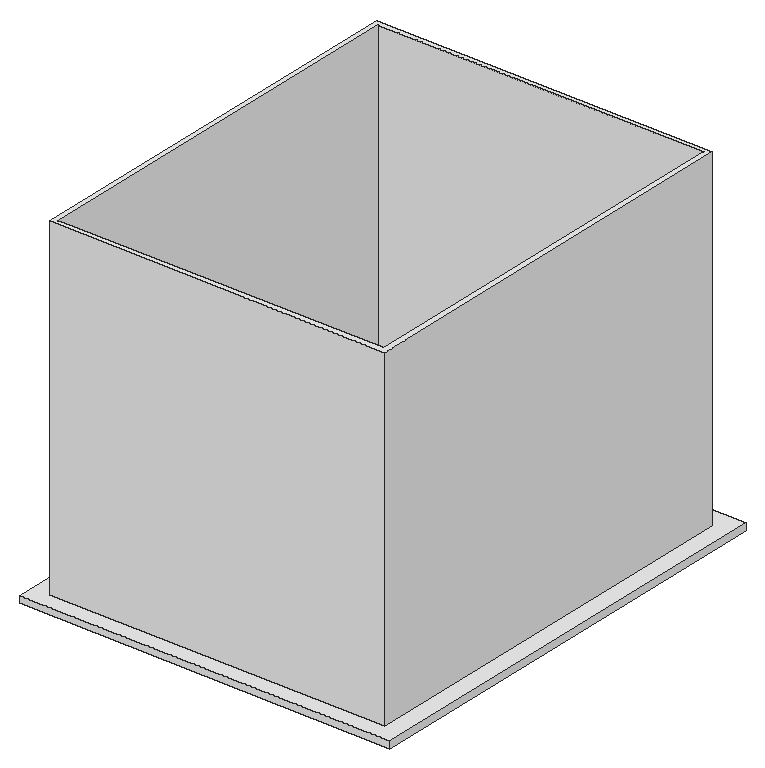
Revit family "Ceiling-Fan_VCDD-090C_Carnes", category Mechanical Equipment, host Ceiling, Revit 2012
Parameters
  ecoScorecard_data = ""
  ecoScorecard Product Page = "http://ecoscorecard.com/"
  Warranty URL = "http://www.carnes.com/GeneralCatalogs/termcond.pdf"
  W = 1' - 6"
  Housing = Aluminum-Carnes-Spun-Brushed
  URL = "http://www.carnes.com/index.html"
  Specifications URL = ""
  Product Page URL = "http://www.carnes.com/ventilation/vcdd-vcdk.htm"
  Parts List URL = "http://www.carnes.com/ventilation/pdf/22005.pdf"
  Model = "VCDD 090C"  # constant formula
  Material = ""
  Manufacturer Toll Free Phone = ""
  Manufacturer Phone = "608-845-6411"  # constant formula
  Manufacturer Fax = "608-845-6470"  # constant formula
  Manufacturer Email = "mailto:carnes@carnes.com"
  Manufacturer Address = "448 S. Main St., P. O. Box 930040, Verona, WI 53593-0040"  # constant formula
  Manufacturer = "CARNES COMPANY"  # constant formula
  IOM Instructions URL = "http://www.carnes.com/ventilation/pdf/11237.pdf"
  Grill Size = "23-7/8 x 19-7/8"
  Grill Depth = 0' - 0 3/8"
  GW = 1' - 7 7/8"
  GD = 1' - 11 7/8"
  Duct Connector = "8 x 12"
  Description = "Ceiling Ventilators"  # constant formula
  D = 1' - 10"
  Cost Info = "mailto:carnes@carnes.com"
  Catalog URL = "http://www.carnes.com/ventilation/pdf/C269-C295.pdf"
  Box Size = "22 x 18"
  Box Depth = 1' - 6"
  Assembly Code = "D3040200"
  95 CSI = "15850"  # constant formula
  04 CSI = "23 37 13"  # constant formula
Reference planes (in)
  plane 1 "Center (Front/Back)": y = 0
  plane 2 "Ceiling": z = 96
  plane 3 "Center (Left/Right)": x = 0
  plane 4: y = 11
  plane 5: x = -9
  plane 6: y = -11
  plane 7: x = 9
  plane 8: z = 95.625
  plane 9: z = 114
  plane 10: y = 11.9375
  plane 11: x = -9.9375
  plane 12: y = -11.9375
  plane 13: x = 9.9375
  plane 14: x = 8.75
Forms (in)
  Sweep 1, solid, material "Aluminum-Carnes-Spun-Brushed" <- "Housing", detail levels fine
    path origin (0, 0, 96) x (0, -1, 0) y (1, 0, 0)
      loop
        line (-10.875, 9) -> (-10.875, -9) -> (11.125, -9) -> (11.125, 9) -> (-10.875, 9)
    profile origin (9, -0.125, 96) x (1, 0, 0) y (0, 0, 1)
      loop
        line (0, 0) -> (0, 18) -> (-0.25, 18) -> (-0.25, 0) -> (0, 0)
  Sweep 2, solid, material "Aluminum-Carnes-Spun-Brushed" <- "Housing", detail levels fine
    path origin (0, 0.125, 96) x (0, -1, 0) y (1, 0, 0)
      loop
        line (-11.8125, 9.9375) -> (-11.8125, -9.9375) -> (12.0625, -9.9375) -> (12.0625, 9.9375) -> (-11.8125, 9.9375)
    profile origin (9.9375, 0, 96) x (1, 0, 0) y (0, 0, 1)
      loop
        line (0, 0) -> (-1.1875, 0) -> (-1.1875, -0.375) -> (0, -0.375) -> (0, 0)
  Extrusion 3, solid, material "Aluminum-Carnes-Spun-Brushed", detail levels fine
    sketch origin (0, 0, 96) x (0, 1, 0) y (0, 0, 1)
      loop
        circle (10.22794, -0.1875) r 0.1875
      loop
        circle (9.58088, -0.1875) r 0.1875
      loop
        circle (8.93382, -0.1875) r 0.1875
      loop
        circle (8.28676, -0.1875) r 0.1875
      loop
        circle (7.63971, -0.1875) r 0.1875
      loop
        circle (6.99265, -0.1875) r 0.1875
      loop
        circle (6.34559, -0.1875) r 0.1875
      loop
        circle (5.69853, -0.1875) r 0.1875
      loop
        circle (5.05147, -0.1875) r 0.1875
      loop
        circle (4.40441, -0.1875) r 0.1875
      loop
        circle (3.75735, -0.1875) r 0.1875
      loop
        circle (3.11029, -0.1875) r 0.1875
      loop
        circle (2.46324, -0.1875) r 0.1875
      loop
        circle (1.81618, -0.1875) r 0.1875
      loop
        circle (1.16912, -0.1875) r 0.1875
      loop
        circle (0.52206, -0.1875) r 0.1875
      loop
        circle (-10.47794, -0.1875) r 0.1875
      loop
        circle (-9.83088, -0.1875) r 0.1875
      loop
        circle (-9.18382, -0.1875) r 0.1875
      loop
        circle (-8.53676, -0.1875) r 0.1875
      loop
        circle (-7.88971, -0.1875) r 0.1875
      loop
        circle (-7.24265, -0.1875) r 0.1875
      loop
        circle (-6.59559, -0.1875) r 0.1875
      loop
        circle (-5.94853, -0.1875) r 0.1875
      loop
        circle (-5.30147, -0.1875) r 0.1875
      loop
        circle (-4.65441, -0.1875) r 0.1875
      loop
        circle (-4.00735, -0.1875) r 0.1875
      loop
        circle (-3.36029, -0.1875) r 0.1875
      loop
        circle (-2.71324, -0.1875) r 0.1875
      loop
        circle (-2.06618, -0.1875) r 0.1875
      loop
        circle (-1.41912, -0.1875) r 0.1875
      loop
        circle (-0.77206, -0.1875) r 0.1875
      loop
        circle (-0.125, -0.1875) r 0.1875
    from -8.75 to 8.75
  Sweep 4, solid, material "Aluminum-Carnes-Spun-Brushed" <- "Housing", detail levels fine
    path origin (0, 0, 93.96678) x (0, 1, 0) y (0, 0, 1)
      loop
        line (5.875, 4.03322) -> (5.875, 12.03322) -> (-6.125, 12.03322) -> (-6.125, 4.03322) -> (5.875, 4.03322)
    profile origin (0, 5.875, 102) x (0, -1, 0) y (1, 0, 0)
      loop
        line (0, -9) -> (0, -11) -> (0.125, -11) -> (0.125, -9) -> (0, -9)
Lines and regions (in)
  Opening 1
    outline origin (-60, 60, 97) x (-1, 0, 0) y (0, -1, 0)
      loop
        line (-50.0625, 48.0625) -> (-50.0625, 71.9375) -> (-69.9375, 71.9375) -> (-69.9375, 48.0625) -> (-50.0625, 48.0625)
  model lines, detail levels coarse+medium
    curve 1: line (-9.9375, 11.9375, 96) -> (9.9375, 11.9375, 96)
    curve 2: line (9.9375, -11.9375, 96) -> (9.9375, 11.9375, 96)
    curve 3: line (-9.9375, -11.9375, 96) -> (-9.9375, -6.125, 96)
    curve 4: line (-9.9375, -11.9375, 96) -> (9.9375, -11.9375, 96)
    curve 5: line (-11, 5.875, 96) -> (-11, -6.125, 96)
    curve 6: line (-11, -6.125, 96) -> (-9.9375, -6.125, 96)
    curve 7: line (-9.9375, 5.875, 96) -> (-11, 5.875, 96)
    curve 8: line (-9.9375, 5.875, 96) -> (-9.9375, 11.9375, 96)
Dimensions and locks (in)
  equal spacing: host sketch curve, plane 3 "Center (Left/Right)", host sketch curve
  equal spacing: host sketch curve, plane 1 "Center (Front/Back)", host sketch curve
  host sketch curve to host sketch curve = 10' - 0"  (x2)
  equal spacing: plane 5, plane 3 "Center (Left/Right)", plane 7
  "W": plane 5 to plane 7
  equal spacing: plane 4, plane 1 "Center (Front/Back)", plane 6
  "D": plane 4 to plane 6
  "Grill Depth": plane 2 "Ceiling" to plane 8
  "Box Depth": plane 9 to plane 2 "Ceiling"
  equal spacing: plane 10, plane 1 "Center (Front/Back)", plane 12
  "GD": plane 10 to plane 12
  equal spacing: plane 11, plane 3 "Center (Left/Right)", plane 13
  "GW": plane 11 to plane 13
  equal spacing: Extrusion 3 sketch curve, Extrusion 3 sketch curve, Extrusion 3 sketch curve, Extrusion 3 sketch curve, Extrusion 3 sketch curve, Extrusion 3 sketch curve, Extrusion 3 sketch curve, Extrusion 3 sketch curve, Extrusion 3 sketch curve, Extrusion 3 sketch curve, Extrusion 3 sketch curve, Extrusion 3 sketch curve, Extrusion 3 sketch curve, Extrusion 3 sketch curve, Extrusion 3 sketch curve, Extrusion 3 sketch curve, Extrusion 3 sketch curve, Extrusion 3 sketch curve, Extrusion 3 sketch curve, Extrusion 3 sketch curve, Extrusion 3 sketch curve, Extrusion 3 sketch curve, Extrusion 3 sketch curve, Extrusion 3 sketch curve, Extrusion 3 sketch curve, Extrusion 3 sketch curve, Extrusion 3 sketch curve, Extrusion 3 sketch curve, Extrusion 3 sketch curve, Extrusion 3 sketch curve, Extrusion 3 sketch curve, Extrusion 3 sketch curve, Extrusion 3 sketch curve
  aligned and locked: Sweep 1 sketch curve to plane 14
  aligned and locked: Sweep 2 sketch curve to Sweep 1
  aligned and locked: Sweep 2 to Extrusion 3  (x2)
  aligned and locked: Sweep 1 to Sweep 4
  aligned and locked: curve 1 to plane 10
  aligned and locked: plane 13 to curve 2
  aligned and locked: curve 3 to plane 11
  aligned and locked: plane 12 to curve 4
  aligned and locked: curve 5 to Sweep 4
  aligned and locked: curve 6 to Sweep 4
  aligned and locked: Sweep 4 to curve 7
Automatic sketch dimensions
  Sweep 1 sketch curve to plane 5 = 0' - 0"
  Sweep 1 sketch curve to plane 7 = 0' - 0"
  Sweep 1 sketch curve to plane 4 = 0' - 0 1/8"
  plane 6 to Sweep 1 sketch curve = 0' - 0 1/8"
  profile plane to Sweep 1 sketch curve = 0' - 0"
  Sweep 1 sketch curve to profile plane = 0' - 0"
  profile plane to Sweep 1 sketch curve = 1' - 6"
  Sweep 2 sketch curve to plane 11 = 0' - 0"
  Sweep 2 sketch curve to plane 13 = 0' - 0"
  Sweep 2 sketch curve to plane 10 = 0' - 0"
  plane 12 to Sweep 2 sketch curve = 0' - 0"
  profile plane to Sweep 2 sketch curve = 0' - 0"
  Sweep 2 sketch curve to profile plane = 0' - 0"
  Sweep 2 sketch curve to Sweep 2 sketch curve = 0' - 0 3/8"
  Extrusion 3 sketch curve to plane 2 "Ceiling" = 0' - 0 3/16"  (x33)
  Extrusion 3 sketch curve to plane 6 = 0' - 0.52206"
  Extrusion 3 sketch curve to Extrusion 3 sketch curve = 0' - 0.64706"  (x30)
  Extrusion 3 sketch curve to plane 1 "Center (Front/Back)" = 0' - 0 1/8"
  plane 1 "Center (Front/Back)" to Extrusion 3 sketch curve = 0' - 0.52206"
  plane 2 "Ceiling" to Sweep 4 sketch curve = 0' - 2"
  Sweep 4 sketch curve to plane 6 = 0' - 4 7/8"
  Sweep 4 sketch curve to plane 4 = 0' - 5 1/8"
  Sweep 4 sketch curve to plane 9 = 0' - 8"
  Sweep 4 sketch curve to profile plane = 0' - 0"
  Sweep 4 sketch curve to Sweep 4 sketch curve = 0' - 0 1/8"
  Sweep 4 sketch curve to profile plane = 0' - 11"
  Sweep 4 sketch curve to Sweep 4 sketch curve = 0' - 2"
  plane 12 to Opening 1 sketch curve = 0' - 0"
  Opening 1 sketch curve to plane 10 = 0' - 0"
  plane 13 to Opening 1 sketch curve = 0' - 0"
  plane 11 to Opening 1 sketch curve = 0' - 0"
  plane 11 to curve 1 = 0' - 0"
  radius of Extrusion 3 sketch curve = 0' - 0 3/16"  (x33)
